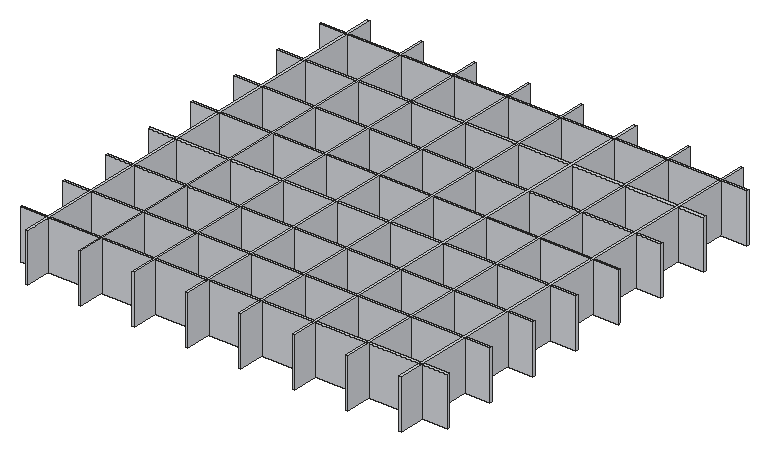
Revit family "J2 PET Felt Horizon Cloud Grid", category Specialty Equipment, Revit 2021
Family settings
  Round Connector Dimension = Use Diameter
  Part Type = Normal
  Work Plane-Based = No
  Always vertical = Yes
  Cut with Voids When Loaded = No
  Shared = No
  Room Calculation Point = No
Parameters (values of type "Horizon Cloud Grid 8'x8'")
  Nominal Width "Y" (Max. 8') = 8' - 0"
  URL = "https://www.j2systems.net/"
  Symbol Name = "CSCGHO"
  Style Number = "CSCGHO"
  Release Date = "2019"
  Product Line = "Ceiling System"
  End Spacing "Y" = ([Nominal Width "Y" (Max. 8')] / [Baffles in "Y" direction] / 2)  # 0' - 6"
  End Spacing "X" = ([Nominal Length "X" (Max. 8')] / [Baffles in "X" direction] / 2)  # 0' - 6"
  Baffles in "Y" direction = 8
  Baffles in "X" direction = 8
  Model = "Horizon Cloud Grid"
  Manufacturer = "J2 Systems"  # constant formula
  Nominal Length "X" (Max. 8') = 8' - 0"
  Felt Color [instance] = none
  Default Elevation = 0' - 0"
  Baffle Spacing "Y" direction [instance] = 1' - 0"
  Baffle Spacing "X" direction [instance] = 1' - 0"
  Baffle Height (Max. 3'-11") = 0' - 11"
Types (2): name | Nominal Width "Y" (Max. 8') | Baffles in "Y" direction | Baffles in "X" direction | Nominal Length "X" (Max. 8')
  Horizon Cloud Grid 8'x8' | 8' - 0" | 8 | 8 | 8' - 0"
  Horizon Cloud Grid 4'x4' | 4' - 0" | 4 | 4 | 4' - 0"
Reference planes (in)
  plane 1 "Center (Front/Back)": y = 0
  plane 2: z = 0
  plane 3 "Center (Left/Right)": x = 0
  plane 4: y = 48
  plane 5: y = -48
  plane 6: x = -48
  plane 7: x = 48
  plane 8 "Top Edge": z = 11
  plane 9: y = 42
  plane 10: y = -42
  plane 11: x = -42
  plane 12: x = 42
Dimensions and locks (in)
  equal spacing: plane 4, plane 1 "Center (Front/Back)", plane 5
  equal spacing: plane 6, plane 3 "Center (Left/Right)", plane 7
  "Nominal Length "X" (Max. 8')": plane 4 to plane 5
  "Nominal Width "Y" (Max. 8')": plane 6 to plane 7
  "Baffle Height (Max. 3'-11")": plane 8 "Top Edge" to level
  equal spacing: group 1, group 3, group 4, group 9, group 10, group 11, group 12, group 2  (x2)
  equal spacing: group 2, group 12, group 11, group 10, group 9, group 4, group 3, group 1
  "End Spacing "X"": plane 4 to plane 9
  "End Spacing "X"": plane 10 to plane 5
  "Baffle Spacing "X" direction": nested 3 to nested 1
  "End Spacing "Y"": plane 6 to plane 11
  "End Spacing "Y"": plane 12 to plane 7
  equal spacing: group 5, group 7, group 8, group 13, group 14, group 15, group 16, group 6  (x3)
  "Baffle Spacing "Y" direction": nested 5 to nested 7
  aligned and locked: plane 2 to level
  aligned and locked: nested 1 to plane 9
  aligned and locked: nested 2 to plane 10
  aligned and locked: plane 11 to nested 5
  aligned and locked: plane 12 to nested 6
Nested families (in)
  nested 1: "J2 PET Felt Rectangular Baffle Single" at (0, 42, 0), type "Rectangular Baffle 7'-11" x 11""
    with Baffle Length - Max. 7'-11" 8' - 0"
  nested 2: "J2 PET Felt Rectangular Baffle Single" at (0, -42, 0), type "Rectangular Baffle 7'-11" x 11""
    with Baffle Length - Max. 7'-11" 8' - 0"
  nested 3: "J2 PET Felt Rectangular Baffle Single" at (0, 30, 0), type "Rectangular Baffle 7'-11" x 11""
    with Baffle Length - Max. 7'-11" 8' - 0"
  nested 4: "J2 PET Felt Rectangular Baffle Single" at (0, 18, 0), type "Rectangular Baffle 7'-11" x 11""
    with Baffle Length - Max. 7'-11" 8' - 0"
  nested 5: "J2 PET Felt Rectangular Baffle Single B" at (-42, 0, 0) x (0, 1, 0) z (0, 0, 1), type "Rectangular Baffle 7'-11" x 11""
    with Baffle Length (Max. 7'-11") 8' - 0"
  nested 6: "J2 PET Felt Rectangular Baffle Single B" at (42, 0, 0) x (0, 1, 0) z (0, 0, 1), type "Rectangular Baffle 7'-11" x 11""
    with Baffle Length (Max. 7'-11") 8' - 0"
  nested 7: "J2 PET Felt Rectangular Baffle Single B" at (-30, 0, 0) x (0, 1, 0) z (0, 0, 1), type "Rectangular Baffle 7'-11" x 11""
    with Baffle Length (Max. 7'-11") 8' - 0"
  nested 8: "J2 PET Felt Rectangular Baffle Single B" at (-18, 0, 0) x (0, 1, 0) z (0, 0, 1), type "Rectangular Baffle 7'-11" x 11""
    with Baffle Length (Max. 7'-11") 8' - 0"
  nested 9: "J2 PET Felt Rectangular Baffle Single" at (0, 6, 0), type "Rectangular Baffle 7'-11" x 11""
    with Baffle Length - Max. 7'-11" 8' - 0"
  nested 10: "J2 PET Felt Rectangular Baffle Single" at (0, -6, 0), type "Rectangular Baffle 7'-11" x 11""
    with Baffle Length - Max. 7'-11" 8' - 0"
  nested 11: "J2 PET Felt Rectangular Baffle Single" at (0, -18, 0), type "Rectangular Baffle 7'-11" x 11""
    with Baffle Length - Max. 7'-11" 8' - 0"
  nested 12: "J2 PET Felt Rectangular Baffle Single" at (0, -30, 0), type "Rectangular Baffle 7'-11" x 11""
    with Baffle Length - Max. 7'-11" 8' - 0"
  nested 13: "J2 PET Felt Rectangular Baffle Single B" at (-6, 0, 0) x (0, 1, 0) z (0, 0, 1), type "Rectangular Baffle 7'-11" x 11""
    with Baffle Length (Max. 7'-11") 8' - 0"
  nested 14: "J2 PET Felt Rectangular Baffle Single B" at (6, 0, 0) x (0, 1, 0) z (0, 0, 1), type "Rectangular Baffle 7'-11" x 11""
    with Baffle Length (Max. 7'-11") 8' - 0"
  nested 15: "J2 PET Felt Rectangular Baffle Single B" at (18, 0, 0) x (0, 1, 0) z (0, 0, 1), type "Rectangular Baffle 7'-11" x 11""
    with Baffle Length (Max. 7'-11") 8' - 0"
  nested 16: "J2 PET Felt Rectangular Baffle Single B" at (30, 0, 0) x (0, 1, 0) z (0, 0, 1), type "Rectangular Baffle 7'-11" x 11""
    with Baffle Length (Max. 7'-11") 8' - 0"
Definition of nested family "J2 PET Felt Rectangular Baffle Single"
  Parameters (values of type "Rectangular Baffle 7'-11" x 11"")
    URL = "https://www.j2systems.net/"
    Symbol Name = "CSBFRE"
    Style Number = "CSBFRE"
    Release Date = "2019"
    Product Line = "Ceiling System"
    Model = "Rectangular Baffle Single"
    Manufacturer = "J2 Systems"  # constant formula
    Baffle Length - Max. 7'-11" = 7' - 11"
    Felt Color = none
    Default Elevation = 0' - 0"
    Baffle Height - Max. 3'-11" = 0' - 11"
  Reference planes (in)
    plane 1 "Center (Front/Back)": y = 0
    plane 2: z = 0
    plane 3 "Center (Left/Right)": x = 0
    plane 4: y = 0.25
    plane 5: y = -0.25
    plane 6: x = -47.5
    plane 7: x = 47.5
    plane 8: z = 11
  Forms (in)
    Extrusion 1, solid, material <- "Felt Color"
      sketch origin (2.375, 0, 0) x (1, 0, 0) y (0, 1, 0)
        loop
          line (-49.875, 0.25) -> (-49.875, -0.25) -> (45.125, -0.25) -> (45.125, 0.25) -> (-49.875, 0.25)
      from 11 to 0
  Dimensions and locks (in)
    equal spacing: plane 6, plane 3 "Center (Left/Right)", plane 7
    "Baffle Length - Max. 7'-11"": plane 6 to plane 7
    "Baffle Height - Max. 3'-11"": plane 8 to level
    Extrusion 1 sketch curve to plane 1 "Center (Front/Back)" to Extrusion 1 sketch curve = 0' - 0 1/4" locked, 0' - 0 1/4" locked
    aligned and locked: plane 2 to level
    aligned and locked: Extrusion 1 to plane 6
    aligned and locked: Extrusion 1 to plane 4
    aligned and locked: Extrusion 1 to plane 5
    aligned and locked: Extrusion 1 sketch curve to plane 7
    aligned and locked: plane 6 to Extrusion 1 sketch curve
    aligned and locked: plane 8 to Extrusion 1
    aligned and locked: Extrusion 1 to level
Definition of nested family "J2 PET Felt Rectangular Baffle Single B"
  Parameters (values of type "Rectangular Baffle 7'-11" x 11"")
    URL = "https://www.j2systems.net/"
    Symbol Name = "CSBFRE"
    Style Number = "CSBFRE"
    Release Date = "2019"
    Product Line = "Ceiling System"
    Model = "Rectangular Baffle Single"
    Manufacturer = "J2 Systems"  # constant formula
    Baffle Length (Max. 7'-11") = 7' - 11"
    Felt Color = none
    Default Elevation = 0' - 0"
    Baffle Height (Max. 3'-11") = 0' - 11"
  Reference planes (in)
    plane 1 "Center (Front/Back)": y = 0
    plane 2: z = 0
    plane 3 "Center (Left/Right)": x = 0
    plane 4: y = 0.25
    plane 5: y = -0.25
    plane 6: x = -47.5
    plane 7: x = 47.5
    plane 8: z = 11
  Forms (in)
    Extrusion 1, solid, material <- "Felt Color"
      sketch origin (2.375, 0, 0) x (1, 0, 0) y (0, 1, 0)
        loop
          line (-49.875, 0.25) -> (-49.875, -0.25) -> (45.125, -0.25) -> (45.125, 0.25) -> (-49.875, 0.25)
      from 11 to 0
  Dimensions and locks (in)
    equal spacing: plane 6, plane 3 "Center (Left/Right)", plane 7
    "Baffle Length (Max. 7'-11")": plane 6 to plane 7
    "Baffle Height (Max. 3'-11")": plane 8 to level
    Extrusion 1 sketch curve to plane 1 "Center (Front/Back)" to Extrusion 1 sketch curve = 0' - 0 1/4" locked, 0' - 0 1/4" locked
    aligned and locked: plane 2 to level
    aligned and locked: Extrusion 1 to plane 6
    aligned and locked: Extrusion 1 to plane 4
    aligned and locked: Extrusion 1 to plane 5
    aligned and locked: Extrusion 1 sketch curve to plane 7
    aligned and locked: plane 6 to Extrusion 1 sketch curve
    aligned and locked: plane 8 to Extrusion 1
    aligned and locked: Extrusion 1 to level
